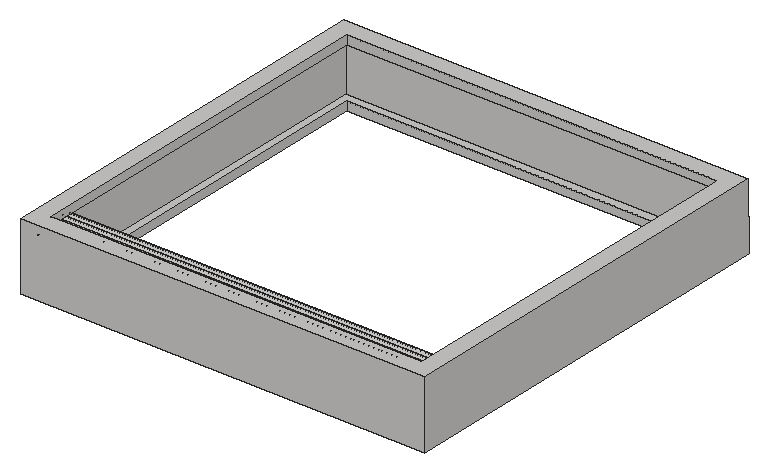
Revit family "Louver_Carnes-Galvanized-J_Blade-Stationary-FFAC", category Duct Accessories, host Face, Revit 2012
Parameters (values of type "See Type Catalog")
  ecoScorecard_data = ""
  ecoScorecard Product Page = "http://ecoscorecard.com/"
  Width = 24"
  Warranty URL = "http://www.carnes.com/GeneralCatalogs/termcond.pdf"
  URL = "http://www.carnes.com/index.html"
  Subcategory = "Louvers and Dampers"  # constant formula
  Spec Sheet URL = "http://www.carnes.com/Louvers/pdf/17145.pdf"
  Product Page URL = "http://www.carnes.com/Louvers/FFAC-FJAC.htm"
  Product Line = "Galvanized Steel Stationary J Blade Louver"  # constant formula
  Offset = 1"
  Model = "FFAC"  # constant formula
  Minimum Size = "8\"W x 10\"H"
  Maximum Vertical Size = "96\"W x 72\"H"
  Maximum System Velocity = 840 FPM  # constant formula
  Maximum System Pressure = 0.90 in-wg  # constant formula
  Maximum Size Note = "Larger Sizes made in multiple sections"  # constant formula
  Maximum Horinzontal Size = "96\"W x 72\"H"
  Manufacturer Phone = "608-845-6411"  # constant formula
  Manufacturer Fax = "608-845-6470"  # constant formula
  Manufacturer Email = "mailto:carnes@carnes.com"
  Manufacturer Address = "448 S. Main St., P. O. Box 930040, Verona, WI 53593-0040"  # constant formula
  Manufacturer = "CARNES COMPANY"  # constant formula
  Installation and Maintenance URL = ""
  Height = 24"
  Free Area = ""
  Frame Material = Metal - Carnes - Steel - Galvanized
  Fire Closure Device = ""
  Duct Connector 2 = "Duct Connection 2"  # constant formula
  Duct Connector 1 = "Duct Connection 1"  # constant formula
  Description = "Galvanized Steel Stationary J Blade Louver"  # constant formula
  Depth = 4 1/8"  # constant formula
  Default Elevation = 0"
  Cost Info = "mailto:carnes@carnes.com"
  Catalog URL = "http://www.carnes.com/Louvers/pdf/f10-11.pdf"
  Blades Length = Actual Width - 1"  # 23"
  Blade Material = Metal - Carnes - Steel - Galvanized
  Assembly Code = "B2010300"
  Actual Width = if(Width < 6", 6", if(Width > 72", 72", Width))  # 24"
  Actual Height = if(Height < 6", 6", if(Height > 72", 72", Height))  # 24"
  95 CSI = "10200"  # constant formula
  04 CSI = "08 91 00"  # constant formula
Reference planes (in)
  plane 1 "Center (Front/Back)": y = 0
  plane 2: z = 0
  plane 3 "Center (Left/Right)": x = 0
  plane 4: x = -12
  plane 5: x = 12
  plane 6: y = 12
  plane 7: y = -12
  plane 8: y = -10.9375
  plane 9: x = -11.20993
  plane 10: x = 11.20993
  plane 11: z = -1.5
  plane 12: y = -11.47734
  plane 13: x = 10.20993
  plane 14: z = -3.375
  plane 15: z = -1
  plane 16: y = -9.48917
  plane 17: z = 0.09375
  plane 18: z = 3.5
  plane 19: z = -2.09375
  plane 20: z = -5.5
Forms (in)
  Extrusion 1, void
    sketch origin (0, 0, 0) x (1, 0, 0) y (0, 1, 0)
      loop
        line (12, -12) -> (12, 12) -> (-12, 12) -> (-12, -12) -> (12, -12)
    from 0 to -32.56442
  Sweep 2, solid, material "Metal - Carnes - Steel - Galvanized" <- "Frame Material", detail levels medium+fine
    path origin (0, -21.84066, -1) x (-1, 0, 0) y (0, -1, 0)
      loop
        line (12, -33.84066) -> (12, -9.84066) -> (-12, -9.84066) -> (-12, -33.84066) -> (12, -33.84066)
    profile "Profile : Profile" origin (0, 12, -1) x (0, 1, 0) y (0, 0, 1)
      loop
        line (0, 2) -> (-1, 2) -> (-1, 1.5) -> (-0.5, 1.5) -> (-0.5, -1.5) -> (-1, -1.5) -> (-1, -2) -> (0, -2) -> (0, 2)
  Sweep 3, solid, material "Metal - Carnes - Steel - Galvanized" <- "Frame Material", detail levels coarse
    path origin (0, -21.84066, -1) x (-1, 0, 0) y (0, -1, 0)
      loop
        line (0, -9.84066) -> (0, -33.84066)
    profile origin (0, 0, -1) x (-1, 0, 0) y (0, 0, 1)
      loop
        line (-12, 2) -> (-12, -2) -> (12, -2) -> (12, 2) -> (-12, 2)
Lines and regions (in)
  symbolic lines, style "Damper"
    curve 1: line (12, 12, -1) -> (12, -12, -1)
    curve 2: line (-12, 12, -1) -> (12, 12, -1)
    curve 3: line (-12, -12, -1) -> (-12, 12, -1)
    curve 4: line (12, -12, -1) -> (-12, -12, -1)
  symbolic lines, style "Damper", detail levels medium+fine
    curve 5: line (11, 11, -1) -> (-11, 11, -1)
    curve 6: line (-11, 11, -1) -> (-11, -11, -1)
    curve 7: line (-11, -11, -1) -> (11, -11, -1)
    curve 8: line (11, -11, -1) -> (11, 11, -1)
Dimensions and locks (in)
  equal spacing: plane 7, plane 1 "Center (Front/Back)", plane 6
  equal spacing: plane 4, plane 3 "Center (Left/Right)", plane 5
  "Actual Width": plane 4 to plane 5
  "Actual Height": plane 6 to plane 7
  locked: plane 7 to plane 8 at 1.0625
  locked: plane 4 to plane 9 at 0.79007
  locked: plane 10 to plane 5 at 0.79007
  locked: plane 12 to plane 7 at 0.52266
  locked: plane 13 to plane 10 at 1
  locked: plane 14 to plane 15 at 2.375
  locked: plane 16 to plane 8 at 1.44833
  "Offset": level to plane 15
  locked: plane 17 to plane 18 at 3.40625
  locked: plane 15 to plane 17 at 1.09375
  locked: plane 15 to plane 19 at 1.09375
  locked: plane 19 to plane 20 at 3.40625
  equal spacing: Sweep 3 sketch curve, plane 3 "Center (Left/Right)", Sweep 3 sketch curve
  "Actual Width": Sweep 3 sketch curve to Sweep 3 sketch curve
  aligned and locked: plane 2 to host face
  aligned and locked: level to host face
  aligned and locked: plane 5 to Extrusion 1 sketch curve
  aligned and locked: plane 7 to Extrusion 1 sketch curve
  aligned and locked: Extrusion 1 sketch curve to plane 4
  aligned and locked: Extrusion 1 sketch curve to plane 6
  aligned and locked: Extrusion 1 to level
  aligned: nested 2 to plane 12
  aligned: nested 2 to nested 5
  aligned: nested 5 to nested 4
  aligned: nested 4 to nested 6
  aligned: nested 3 to nested 5
  aligned: nested 1 to nested 5
  aligned: nested 3 to nested 2
  aligned: nested 5 to nested 3  (x2)
  aligned: nested 4 to nested 5
  aligned: nested 6 to nested 4
  aligned: nested 6 to plane 15
  aligned: nested 3 to plane 15
  aligned: nested 5 to plane 15
  aligned: nested 4 to plane 15
  aligned: nested 2 to plane 15
  aligned: nested 1 to plane 15
  aligned: plane 16 to nested 6
  aligned: plane 12 to nested 1
  aligned and locked: plane 6 to Sweep 3 sketch curve
  aligned and locked: plane 7 to Sweep 3 sketch curve
  aligned and locked: plane 3 "Center (Left/Right)" to Sweep 3 sketch curve
  aligned and locked: curve 1 to Sweep 2
  aligned and locked: curve 2 to Sweep 2
  aligned and locked: curve 3 to Sweep 2
  aligned and locked: curve 4 to Sweep 2
  aligned and locked: curve 5 to Sweep 2
  aligned and locked: curve 6 to Sweep 2
  aligned and locked: curve 7 to Sweep 2
  aligned and locked: curve 8 to Sweep 2
  aligned and locked: Sweep 3 sketch curve to Sweep 2  (x2)
  aligned and locked: nested 1 to Sweep 2
  aligned: nested 2 to nested 1
  aligned and locked: nested 1 to plane 15
  aligned and locked: nested 2 to plane 15
  aligned and locked: nested 3 to plane 15
  aligned and locked: nested 5 to plane 15
  aligned and locked: nested 4 to plane 15
  aligned and locked: nested 6 to plane 15
  aligned and locked: nested 2 to nested 1
  aligned and locked: nested 3 to nested 2
  aligned and locked: nested 5 to nested 3
  aligned and locked: nested 4 to nested 5
  aligned and locked: nested 6 to nested 4
Automatic sketch dimensions
  host sketch curve to host sketch curve = 96"  (x2)
  Sweep 2 sketch curve to plane 5 = 0"
  Sweep 2 sketch curve to plane 4 = 0"
  Sweep 2 sketch curve to plane 6 = 0"
  plane 7 to Sweep 2 sketch curve = 0"
  curve 8 to plane 10 = 0.20993"
Nested families (in)
  nested 1: "Blade" at (0.00882, -11.5, -2.53052), type "Blades", detail levels fine
  nested 2: "Blade" at (0.00882, -11.10234, -2.53052), type "Blades", detail levels fine
  nested 3: "Blade" at (0.00882, -10.70467, -2.53052), type "Blades", detail levels fine
  nested 4: "Blade" at (0.00882, -9.90935, -2.53052), type "Blades", detail levels fine
  nested 5: "Blade" at (0.00882, -10.30701, -2.53052), type "Blades", detail levels fine
  nested 6: "Blade" at (0.00882, -9.51169, -2.53052), type "Blades", detail levels fine
Connectors (in)
  hvac at (0, 0, 1), driven by "Actual Height", driven by "Actual Width", driven by "Duct Connector 1"
    settings: on Sweep 2, index 1, duct flow 0 CFM, flow factor 0, pres drop 0.00 in-wg, loss coef 0, conn angle 0.00°, conn width 24", conn height 24", conn radius 12", duct sys type 1, conn prof type 1, flow config 0, flow direction 0, loss method 0, conn ref index 2, conn util no, is conn primary yes, conn desc "Duct Connection 1"
  hvac at (0, 0, -3), driven by "Actual Height", driven by "Actual Width", driven by "Duct Connector 2"
    settings: on Sweep 2, index 2, duct flow 0 CFM, flow factor 0, pres drop 0.00 in-wg, loss coef 0, conn angle 0.00°, conn width 24", conn height 24", conn radius 12", duct sys type 1, conn prof type 1, flow config 0, flow direction 0, loss method 0, conn ref index 1, conn util no, is conn primary no, conn desc "Duct Connection 2"
Definition of nested family "Blade"
  Parameters (values of type "Blades")
    Width = 23"
    Unit = Metal - Carnes - Steel - Galvanized
    Assembly Code = ""
  Reference planes (in)
    plane 1 "Center (Front/Back)": y = 0
    plane 2: z = 0
    plane 3 "Center (Left/Right)": x = 0
    plane 4: x = -11.5
    plane 5: x = 11.5
    plane 6: z = 3
    plane 7: z = 0.12354
    plane 8: y = 0.39766
    plane 9: z = 2.9375
    plane 10: z = 1.53052
  Forms (in)
    Extrusion 1, solid, material "Metal - Carnes - Steel - Galvanized" <- "Unit"
      sketch origin (0, 0, 0.35938) x (0, 1, 0) y (0, 0, 1)
        loop
          arc (0.23008, 2.18293) -> (0.19883, 2.57812) -> (0.16758, 2.18293) r 0.19883
          line (0.16758, 2.18293) -> (0.16758, 0.15936)
          arc (0.16758, 0.15936) -> (0.19883, -0.23583) -> (0.23008, 0.15936) r 0.19883
          line (0.23008, 0.15936) -> (0.23008, 2.18293)
        loop
          circle (0.19883, -0.037) r 0.13633
        loop
          circle (0.19883, 2.37929) r 0.13633
      from -11.5 to 11.5
  Lines and regions (in)
    symbolic lines, style "Damper"
      curve 1: line (-11.00781, 0.39763, 0) -> (10.99219, 0.39763, 0)
      curve 2: line (10.99219, 0, 0) -> (-11.00781, 0, 0)
      curve 3: line (-11.00781, 0, 0) -> (-11.00781, 0.39763, 0)
      curve 4: line (10.99219, 0, 0) -> (10.99219, 0.39763, 0)
  Dimensions and locks (in)
    equal spacing: plane 4, plane 3 "Center (Left/Right)", plane 5
    "Width": plane 4 to plane 5
    plane 6 to level = 3"  (x2)
    locked: plane 6 to plane 9 at 0.0625
    locked: plane 4 to curve 3 at 0.49219
    locked: curve 4 to plane 5 at 0.50781
    aligned and locked: level to plane 2
    aligned and locked: plane 4 to Extrusion 1
    aligned and locked: plane 5 to Extrusion 1
    aligned and locked: curve 2 to plane 1 "Center (Front/Back)"
  Automatic sketch dimensions
    plane 8 to curve 3 = 0.00003"
    Extrusion 1 sketch curve to Extrusion 1 sketch curve = 0"  (x5)
    Extrusion 1 sketch curve to plane 1 "Center (Front/Back)" = 0.16758"
    Extrusion 1 sketch curve to Extrusion 1 sketch curve = 1/32"
    Extrusion 1 sketch curve to plane 1 "Center (Front/Back)" = 0.19883"
    Extrusion 1 sketch curve to plane 7 = 0.19883"
    Extrusion 1 sketch curve to Extrusion 1 sketch curve = 0.19636"  (x2)
    Extrusion 1 sketch curve to plane 9 = 0.39519"
    radius of Extrusion 1 sketch curve = 0.13633"  (x2)
